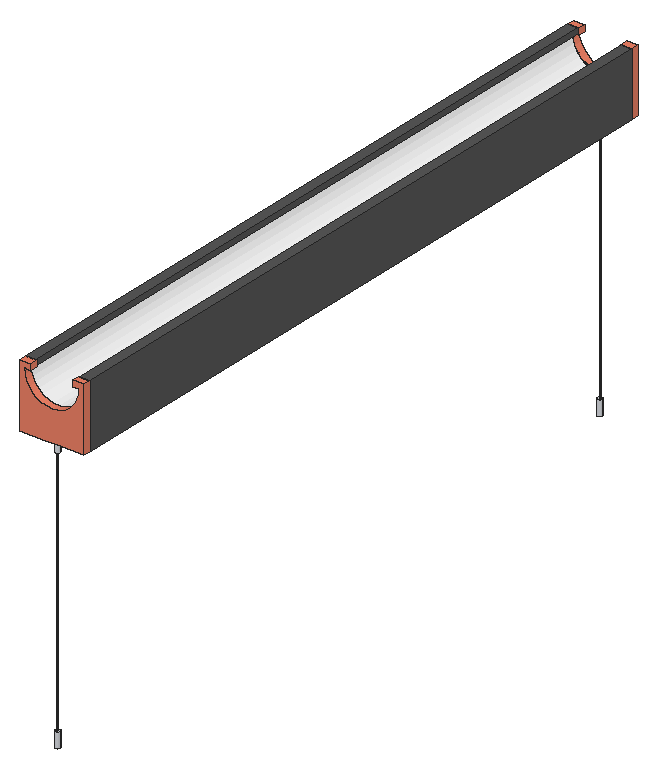
Revit family "ARX.4-P-D", category Lighting Fixtures, host Face, Revit 2018
Family settings
  Host = Face
  Round Connector Dimension = Use Diameter
  Part Type = Normal
  Cut with Voids When Loaded = No
  Light Source = Yes
  Shared = Yes
  Room Calculation Point = Yes
Parameters (values of type "4' Direct")
  Wattage = 17.6471 W
  built-in parameter 1150110 = 1 (stored number, unit not read)
  Voltage = 0 V
  Type Comments = "LUX ILLUMINAIRE"
  built-in parameter 1114217 = 1 (stored number, unit not read)
  Tilt Angle = 90.00°
  built-in parameter 1150109 = 1 (stored number, unit not read)
  built-in parameter 1150134 = 12
  Switch Leg Visibility = no
  Switch Leg [instance] = ""
  Suspension Length [instance] = 2' - 0"
  built-in parameter 1150113 = 1 (stored number, unit not read)
  Photometric Web File = "ARX_4-P-D-375-4-40K-8.ies"
  Material - End Cap [instance] = LUX ILLUMINAIRE Orange
  Material - Body [instance] = LUX ILLUMINAIRE Black
  Manufacturer = ""
  built-in parameter 1150105 = 119.37 (stored number, unit not read)
  Lumens = 1500 lm
  built-in parameter 1150115 = 1 (stored number, unit not read)
  built-in parameter 1150137 = (empty or 0)
  built-in parameter 1150139 = (empty or 0)
  built-in parameter 1150112 = 1 (stored number, unit not read)
  built-in parameter 1150114 = 1 (stored number, unit not read)
  Lamp = "LED"
  built-in parameter 1150132 = 2
  built-in parameter 1150102 = (empty or 0)
  built-in parameter 1150107 = 4000 (stored number, unit not read)
  built-in parameter 1150138 = (empty or 0)
  built-in parameter 1150106 = 1.1937 (stored number, unit not read)
  Fixture Width = 0' - 4 1/2"  # constant formula
  Fixture Symbol Visiblity = yes
  Fixture Length = 4' - 0"
  Emit from Rectangle Width = 0' - 3"
  Emit from Rectangle Length = Fixture Length  # 4' - 0"
  Emit Shape Visible in Rendering = no
  Emergency Lighting [instance] = no
  built-in parameter 1150104 = 7.8968 (stored number, unit not read)
  Dimming Lamp Color Temperature Shift = <None>
  Default Elevation = 4' - 0"
  Color Filter = 16777215
  built-in parameter 1140040 [instance] = 1
  built-in parameter 1114218 = 1 (stored number, unit not read)
  built-in parameter 1150133 = 10 (stored number, unit not read)
  Apparent Load = 12.4 VA
Types (7): name | Wattage | Voltage | Type Comments | Manufacturer | built-in parameter 1150105 | Lumens | built-in parameter 1150106 | Fixture Length | Emit from Rectangle Length | Apparent Load
  2' Direct | 8.82353 W | 120 V | "LUX ILLUMINAIRE" | "" | 59.683 (stored number, unit not read) | 750 lm | 0.59683 (stored number, unit not read) | 2' - 0" | 2' - 0" | 6.2 VA
  3' Direct | 13.2353 W | 0 V | "LUX ILLUMINAIRE" | "" | 89.525 (stored number, unit not read) | 1125 lm | 0.89525 (stored number, unit not read) | 3' - 0" | 3' - 0" | 9.3 VA
  4' Direct | 17.6471 W | 0 V | "LUX ILLUMINAIRE" | "" | 119.37 (stored number, unit not read) | 1500 lm | 1.1937 (stored number, unit not read) | 4' - 0" | 4' - 0" | 12.4 VA
  5' Direct | 22.0588 W | 0 V | "LUX ILLUMINAIRE" | "" | 149.21 (stored number, unit not read) | 1875 lm | 1.4921 (stored number, unit not read) | 5' - 0" | 5' - 0" | 15.5 VA
  6' Direct | 26.4706 W | 0 V | 0' - 0" | "LUX ILLUMINAIRE" | 179.05 (stored number, unit not read) | 2250 lm | 1.7905 (stored number, unit not read) | 6' - 0" | 6' - 0" | 18.6 VA
  7' Direct | 30.8824 W | 0 V | 0' - 0" | "LUX ILLUMINAIRE" | 208.89 (stored number, unit not read) | 2625 lm | 2.0889 (stored number, unit not read) | 7' - 0" | 7' - 0" | 21.7 VA
  8' Direct | 35.2941 W | 0 V | 0' - 0" | "LUX ILLUMINAIRE" | 238.73 (stored number, unit not read) | 3000 lm | 2.3873 (stored number, unit not read) | 8' - 0" | 8' - 0" | 24.8 VA
Reference planes (in)
  plane 1 "Center (Front/Back)": y = 0
  plane 2: z = 0
  plane 3 "Center (Left/Right)": x = 0
  plane 4: x = 2.25
  plane 5: x = -2.25
  plane 6: y = 24
  plane 7: y = -24
  plane 8: z = 24
  plane 9: y = 24.5
  plane 10: y = -24.5
  plane 11: z = 1
  plane 12: z = 19.5
  plane 13: z = 18.75
Forms (in)
  Extrusion 1, solid, material "LUX ILLUMINAIRE Black" <- "Material - Body"
    sketch origin (0, 0, 0) x (1, 0, 0) y (0, 0, 1)
      loop
        line (-2.25025, 19.4985) -> (-0.437, 19.4985) -> (0.438, 19.4985) -> (2.25126, 19.4985) -> (2.25126, 24) -> (1.53869, 24) -> (1.53869, 23.61455) -> (1.99286, 23.61455)
        arc (1.99286, 23.61455) -> (-0.00674, 21.56222) -> (-2.00634, 23.61455) r 2.00028
        line (-2.00634, 23.61455) -> (-1.53881, 23.61455) -> (-1.53881, 24) -> (-2.25025, 24) -> (-2.25025, 19.4985)
    from -24 to 24
  Extrusion 2, solid, material "LUX ILLUMINAIRE Orange" <- "Material - End Cap"
    sketch origin (0, 0, 0) x (1, 0, 0) y (0, 0, 1)
      loop
        line (-2.25025, 24) -> (-2.25025, 19.4985) -> (-0.437, 19.4985) -> (0.438, 19.4985) -> (2.25126, 19.4985) -> (2.25126, 24) -> (1.50013, 24) -> (1.50013, 23.5625) -> (1.89951, 23.5625)
        arc (1.89951, 23.5625) -> (-0.00674, 21.65625) -> (-1.91299, 23.5625) r 1.90625
        line (-1.91299, 23.5625) -> (-1.50025, 23.5625) -> (-1.50025, 24) -> (-2.25025, 24)
    from 24 to 24.5
  Extrusion 3, solid
    sketch origin (0, 0, 0) x (1, 0, 0) y (0, 1, 0)
      loop
        circle (0.00029, -24) r 0.1875
    from 0 to 1
  Extrusion 4, solid
    sketch origin (0, 0, 0) x (1, 0, 0) y (0, 1, 0)
      loop
        circle (0.0005, -24) r 0.03125
    from 1 to 18.75
  Extrusion 5, solid
    sketch origin (0, 0, 0) x (1, 0, 0) y (0, 1, 0)
      loop
        circle (0.0005, -24) r 0.18729
    from 18.75 to 19.5
  Extrusion 6, solid, not visible
    sketch origin (0, 0, 0) x (1, 0, 0) y (0, 1, 0)
      loop
        circle (0.00029, -24) r 0.1875
    from 0 to 1
  Extrusion 7, solid, not visible
    sketch origin (0, 0, 0) x (1, 0, 0) y (0, 1, 0)
      loop
        circle (0.0005, -24) r 0.03125
    from 1 to 13.33203
  Extrusion 8, solid, not visible
    sketch origin (0, 0, 0) x (1, 0, 0) y (0, 1, 0)
      loop
        circle (0.0005, -24) r 0.18729
    from 13.33203 to 14.08203
  Extrusion 9, solid, material "LUX ILLUMINAIRE Orange" <- "Material - End Cap"
    sketch origin (0.00056, 24, 0) x (1, 0, 0) y (0, 0, -1)
      loop
        line (-2.25056, -24) -> (-1.50082, -24) -> (-1.50082, -23.5625) -> (-1.91355, -23.5625)
        arc (-1.91355, -23.5625) -> (-0.0073, -21.65625) -> (1.89895, -23.5625) r 1.90625
        line (1.89895, -23.5625) -> (1.49957, -23.5625) -> (1.49957, -24) -> (2.24944, -24) -> (2.24944, -19.4985) -> (0.438, -19.4985) -> (-0.437, -19.4985) -> (-2.25056, -19.4985) -> (-2.25056, -24)
    from 0 to 0.5
  Extrusion 10, solid
    sketch origin (0, 0, 0) x (1, 0, 0) y (0, 1, 0)
      loop
        circle (0.00029, 24) r 0.1875
    from 0 to 1
  Extrusion 11, solid
    sketch origin (0, 0, 0) x (1, 0, 0) y (0, 1, 0)
      loop
        circle (0.0005, 24) r 0.03125
    from 1 to 18.75
  Extrusion 12, solid
    sketch origin (0, 0, 0) x (1, 0, 0) y (0, 1, 0)
      loop
        circle (0.0005, 24) r 0.18729
    from 18.75 to 19.5
  Extrusion 13, solid, material "Light Emit"
    sketch origin (0, 0, 0) x (1, 0, 0) y (0, 0, 1)
      loop
        line (-1.98294, 23.61455) -> (-2.09548, 23.61455)
        arc (-2.09548, 23.61455) -> (-0.00674, 21.47311) -> (2.082, 23.61455) r 2.08939
        line (2.082, 23.61455) -> (1.96946, 23.61455)
        arc (1.96946, 23.61455) -> (-0.00674, 21.58562) -> (-1.98294, 23.61455) r 1.97688
    from -24 to 24
Lines and regions (in)
  symbolic lines, visible <- "Fixture Symbol Visiblity"
    curve 1: line (-2.25, 24, 0) -> (2.25, 24, 0)
    curve 2: line (-2.25, -24, 0) -> (-2.25, 24, 0)
    curve 3: line (2.25, -24, 0) -> (-2.25, -24, 0)
    curve 4: line (2.25, 24, 0) -> (2.25, -24, 0)
Dimensions and locks (in)
  plane 5 to plane 4 = 0' - 4 1/2"
  equal spacing: plane 7, plane 1 "Center (Front/Back)", plane 6
  "Fixture Length": plane 7 to plane 6
  "Suspension Length": plane 8 to level
  "Fixture Width": plane 4 to plane 5
  equal spacing: plane 4, plane 3 "Center (Left/Right)", plane 5
  locked: nested 2 to plane 10 at 9.5
  plane 8 to plane 12 to plane 13 = 0' - 4 1/2" locked, 0' - 0 3/4" locked
  locked: imposter light to Extrusion 1 at 0.0625
  Extrusion 1 to Extrusion 2 sketch curve = 0' - 0 3/4"
  locked: plane 9 to plane 6 at 0.5
  locked: plane 7 to plane 10 at 0.5
  aligned and locked: plane 2 to host face
  aligned and locked: level to host face
  aligned and locked: Extrusion 9 to plane 5
  aligned and locked: plane 4 to Extrusion 9
  aligned and locked: plane 6 to Extrusion 9
  aligned and locked: Extrusion 1 to plane 6
  aligned and locked: plane 10 to Extrusion 2
  aligned and locked: Extrusion 2 to plane 7
  aligned and locked: plane 7 to Extrusion 1
  aligned and locked: Extrusion 9 to plane 9
  aligned and locked: plane 12 to Extrusion 12
  aligned and locked: Extrusion 12 to plane 13
  aligned and locked: plane 13 to Extrusion 11
  aligned and locked: plane 12 to Extrusion 5
  aligned and locked: Extrusion 5 to plane 13
  aligned and locked: plane 13 to Extrusion 4
  aligned and locked: plane 7 to nested 1
  aligned and locked: plane 6 to curve 1
  aligned and locked: plane 5 to curve 2
  aligned and locked: curve 3 to plane 7
  aligned and locked: curve 4 to plane 4
  aligned and locked: nested 1 to plane 6
  aligned and locked: plane 8 to Extrusion 9
  aligned and locked: plane 8 to Extrusion 2
  aligned and locked: Extrusion 1 sketch curve to plane 8  (x2)
  aligned and locked: Extrusion 13 sketch curve to Extrusion 1
  aligned and locked: Extrusion 1 to Extrusion 13 sketch curve
  aligned and locked: Extrusion 13 to plane 6
  aligned and locked: plane 7 to Extrusion 13
Automatic sketch dimensions
  host sketch curve to host sketch curve = 8' - 0"  (x2)
  plane 7 to Extrusion 3 sketch curve = 0' - 0"
  plane 3 "Center (Left/Right)" to Extrusion 3 sketch curve = 0' - 0.00029"
  plane 7 to Extrusion 4 sketch curve = 0' - 0"
  plane 3 "Center (Left/Right)" to Extrusion 4 sketch curve = 0' - 0.0005"
  plane 7 to Extrusion 5 sketch curve = 0' - 0"
  plane 3 "Center (Left/Right)" to Extrusion 5 sketch curve = 0' - 0.0005"
  plane 6 to Extrusion 10 sketch curve = 0' - 0"
  plane 3 "Center (Left/Right)" to Extrusion 10 sketch curve = 0' - 0.00029"
  plane 6 to Extrusion 11 sketch curve = 0' - 0"
  plane 3 "Center (Left/Right)" to Extrusion 11 sketch curve = 0' - 0.0005"
  plane 6 to Extrusion 12 sketch curve = 0' - 0"
  plane 3 "Center (Left/Right)" to Extrusion 12 sketch curve = 0' - 0.0005"
  Extrusion 1 sketch curve to plane 5 = 0' - 0.00025"
  plane 5 to Extrusion 1 sketch curve = 0' - 0.24366"
  Extrusion 1 sketch curve to Extrusion 1 sketch curve = 0' - 0.46753"
  Extrusion 1 sketch curve to plane 12 = 0' - 0.0015"
  Extrusion 1 sketch curve to plane 3 "Center (Left/Right)" = 0' - 0.437"
  Extrusion 1 sketch curve to plane 3 "Center (Left/Right)" = 0' - 0.00674"
  plane 3 "Center (Left/Right)" to Extrusion 1 sketch curve = 0' - 0.438"
  Extrusion 1 sketch curve to plane 4 = 0' - 0.71131"
  plane 4 to Extrusion 1 sketch curve = 0' - 0.00126"
  Extrusion 2 sketch curve to plane 8 = 0' - 0"  (x2)
  plane 5 to Extrusion 2 sketch curve = 0' - 0.33701"
  Extrusion 2 sketch curve to plane 5 = 0' - 0.00025"
  Extrusion 2 sketch curve to plane 12 = 0' - 0.0015"
  Extrusion 2 sketch curve to plane 3 "Center (Left/Right)" = 0' - 0.437"
  Extrusion 2 sketch curve to plane 3 "Center (Left/Right)" = 0' - 0.00674"
  plane 3 "Center (Left/Right)" to Extrusion 2 sketch curve = 0' - 0.438"
  Extrusion 2 sketch curve to Extrusion 2 sketch curve = 0' - 0.39938"
  plane 4 to Extrusion 2 sketch curve = 0' - 0.00126"
  Extrusion 2 sketch curve to plane 8 = 0' - 0 7/16"
  Extrusion 1 sketch curve to plane 8 = 0' - 0.38545"
  Extrusion 1 sketch curve to plane 4 = 0' - 0.25714"
  Extrusion 1 sketch curve to plane 8 = 0' - 0 7/16"
  Extrusion 9 sketch curve to plane 5 = 0' - 0"
  Extrusion 9 sketch curve to plane 8 = 0' - 0"  (x2)
  Extrusion 9 sketch curve to plane 4 = 0' - 0"
  plane 5 to Extrusion 9 sketch curve = 0' - 0.33701"
  Extrusion 9 sketch curve to plane 12 = 0' - 0.0015"
  Extrusion 9 sketch curve to plane 3 "Center (Left/Right)" = 0' - 0.43644"
  Extrusion 9 sketch curve to plane 3 "Center (Left/Right)" = 0' - 0.00674"
  plane 3 "Center (Left/Right)" to Extrusion 9 sketch curve = 0' - 0.43856"
  Extrusion 9 sketch curve to Extrusion 9 sketch curve = 0' - 0.39938"
  Extrusion 9 sketch curve to plane 8 = 0' - 0 7/16"
  Extrusion 9 sketch curve to Extrusion 9 sketch curve = 0' - 0.41274"
  Extrusion 13 sketch curve to Extrusion 13 sketch curve = 0' - 0"  (x2)
  Extrusion 13 sketch curve to plane 3 "Center (Left/Right)" = 0' - 0.00674"
  Extrusion 13 sketch curve to plane 8 = 0' - 0 7/16"
  plane 5 to Extrusion 13 sketch curve = 0' - 0.26706"
  Extrusion 13 sketch curve to Extrusion 13 sketch curve = 0' - 0.11255"
  radius of Extrusion 3 sketch curve = 0' - 0 3/16"
  radius of Extrusion 4 sketch curve = 0' - 0 1/32"
  radius of Extrusion 5 sketch curve = 0' - 0.18729"
  radius of Extrusion 6 sketch curve = 0' - 0 3/16"
  radius of Extrusion 7 sketch curve = 0' - 0 1/32"
  radius of Extrusion 8 sketch curve = 0' - 0.18729"
  radius of Extrusion 10 sketch curve = 0' - 0 3/16"
  radius of Extrusion 11 sketch curve = 0' - 0 1/32"
  radius of Extrusion 12 sketch curve = 0' - 0.18729"
Nested families (in)
  nested 1: "Emergency Symbol Rectangle" at (-11.90822, 0, 0) x (0, 1, 0) z (0, 0, 1), visible <- "Emergency Lighting", type "Emergency Symbol Rectangle"
    with Width 1' - 0.50394", Length 4' - 0"
  nested 2: "Switch Leg Annotation" at (9.99627, -15, 0) x (0, 1, 0) z (0, 0, 1), visible <- "Switch Leg Visibility", Switch Leg Annotation <- "Switch Leg", type "Switch Leg Annotation"
    with Switch Leg Annotation ""
Connectors (in)
  electrical at (0.00029, 24, 0), driven by "Apparent Load", driven by "Voltage"
    settings: on Extrusion 10, index 1, voltage 0 V, apparent load 0 VA, apparent load phase1 12.4 VA, apparent load phase2 0 VA, apparent load phase3 0 VA, power factor 1, load classification "Other", number of poles 1, system type 31, power factor state 1, is connector primary yes, connector utility no, sub classification motor no, connector description ""
Definition of nested family "Emergency Symbol Rectangle"
  Parameters (values of type "Emergency Symbol Rectangle")
    Width [instance] = 0' - 8 1/2"
    Length [instance] = 5' - 0"
    Emergency Visibility = no
  Reference planes (in)
    plane 1 "Center (Front/Back)": y = -7.75
    plane 2: z = 0
    plane 3 "Center (Left/Right)": x = -24
    plane 4: x = 24
    plane 5: x = -36
    plane 6: y = -3.5
    plane 7: y = -12
  Lines and regions (in)
    Filled region 1, type "Solid Fill - Black", in view "Ref. Level", detail levels coarse+medium
      outline origin (0, 0.25, 0) x (1, 0, 0) y (0, 1, 0)
        loop
          line (-36, -12.25) -> (24, -12.25) -> (-36, -10.125) -> (-36, -12.25)
  Dimensions and locks (in)
    equal spacing: plane 7, plane 1 "Center (Front/Back)", plane 6
    "Width": plane 7 to plane 6
    "Length": plane 5 to plane 4
    aligned and locked: plane 5 to Filled region 1
  Automatic sketch dimensions
    plane 1 "Center (Front/Back)" to Filled region 1 sketch curve = 0' - 2 1/8"
    Filled region 1 sketch curve to plane 3 "Center (Left/Right)" = 1' - 0"
    Filled region 1 sketch curve to plane 4 = 0' - 0"
    Filled region 1 sketch curve to plane 7 = 0' - 0"
Definition of nested family "Switch Leg Annotation"
  Parameters (values of type "Switch Leg Annotation")
    Switch Leg Annotation [instance] = ""
  Reference planes (in)
    plane 1: y = 0
    plane 2: x = 0
  Text (in)
    label "a" at (0.00527, 0.01239, 0), shows "Switch Leg Annotation"
